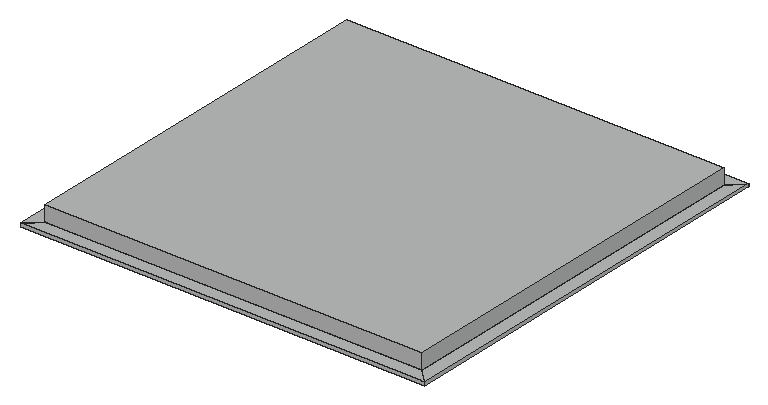
Revit family "AVRORA", category Осветительные приборы, Revit 2019 (continued)
Parameters (values of type "AVRORA-32/opal-sand 595x595х25 (IP20, 4000К)")
     847.200 809.800 771.400 732.500 693.200 653.100 612.300 571.800 530.600 489.300 448.400 406.900 366.200 325.700 285.900 247.100 209.600 170.700 135.700 \r\n101.100 69.300 37.900 15.700 0.800 \r\n1326.000 1325.200 1321.300 1314.800 1306.400 1296.400 1283.200 1269.300 1251.800 1233.400 1212.300 1190.100 1165.600 1140.000 1112.100 1083.400 1053.700 1021.200 988.900 \r\n954.900 919.700 883.600 847.300 809.800 771.900 732.600 692.900 653.100 612.500 571.900 530.600 489.700 448.400 406.700 366.100 325.600 285.600 247.000 209.400 170.700 136.200 \r\n100.900 70.500 38.400 16.400 0.700 \r\n1325.700 1324.000 1321.200 1314.700 1306.500 1296.600 1283.900 1269.200 1251.700 1233.300 1212.300 1190.700 1165.600 1139.800 1112.800 1083.400 1053.200 1021.600 988.400 \r\n955.000 919.800 884.000 847.400 809.900 771.800 732.700 693.300 653.100 612.700 572.000 530.600 489.500 448.300 406.900 366.000 325.600 285.600 246.900 209.200 170.600 136.300 \r\n100.700 71.000 39.300 17.100 0.700 \r\n1325.900 1324.800 1321.200 1314.800 1306.900 1296.400 1284.100 1269.300 1252.200 1233.200 1212.300 1190.100 1165.700 1139.900 1112.000 1083.400 1052.600 1021.500 988.600 \r\n955.100 919.900 883.600 847.500 809.900 771.500 732.900 693.300 653.200 613.000 572.000 530.600 489.200 448.200 406.600 365.800 325.400 285.700 246.700 209.100 170.400 136.200 \r\n101.000 71.600 39.700 17.700 0.700 \r\n1326.000 1324.900 1321.200 1314.800 1306.800 1296.300 1284.300 1269.100 1252.700 1233.600 1212.600 1189.600 1165.600 1140.200 1112.700 1083.800 1053.600 1021.600 988.900 \r\n955.000 919.900 884.400 847.400 810.000 771.800 733.000 693.400 653.200 612.700 572.000 530.600 489.200 447.900 406.600 365.800 325.200 285.100 246.600 208.800 170.300 136.100 \r\n100.600 72.100 40.700 18.300 0.700 \r\n1326.100 1325.100 1321.200 1315.100 1307.200 1296.400 1283.900 1269.000 1252.600 1234.000 1212.600 1190.100 1165.700 1140.300 1113.400 1083.900 1053.900 1021.400 988.800 \r\n954.900 920.100 884.700 847.500 810.100 771.900 733.100 693.400 653.200 613.100 571.800 530.600 488.800 448.000 406.400 365.600 325.100 285.000 246.400 208.700 170.100 135.900 \r\n100.500 72.700 41.100 18.800 0.700 \r\n1326.100 1324.400 1321.100 1315.100 1307.000 1296.300 1284.200 1269.100 1252.800 1233.800 1212.700 1190.900 1166.400 1140.400 1113.400 1084.100 1053.100 1021.800 989.500 \r\n955.300 920.200 884.200 847.700 810.100 771.800 733.200 693.700 653.400 612.700 571.900 530.600 489.200 447.900 406.300 365.600 325.100 285.100 246.300 208.700 170.000 135.800 \r\n100.100 73.100 42.000 19.500 0.700 \r\n1325.900 1324.300 1321.200 1314.900 1307.500 1296.500 1285.100 1269.300 1252.700 1234.100 1213.000 1191.100 1166.600 1140.800 1113.800 1084.200 1053.800 1022.100 989.500 \r\n955.500 920.400 883.900 847.700 810.400 771.900 733.300 693.700 653.400 613.000 572.000 530.500 489.200 447.900 406.500 365.500 324.900 284.900 246.100 208.500 169.800 135.600 \r\n99.700 73.100 42.400 20.000 0.600 \r\n1325.900 1324.600 1321.600 1315.200 1306.700 1296.400 1283.600 1269.100 1252.700 1233.500 1213.000 1191.700 1166.400 1140.700 1112.600 1084.400 1054.100 1022.400 989.700 \r\n955.700 920.500 884.600 847.800 810.600 772.000 733.200 693.500 653.400 612.800 572.100 530.600 489.200 447.900 406.400 365.500 324.800 285.000 246.100 208.400 169.700 135.500 \r\n99.300 73.100 42.900 20.400 0.600 \r\n1325.900 1324.300 1321.100 1315.400 1307.600 1296.500 1284.400 1269.300 1252.500 1234.200 1213.200 1191.100 1166.600 1140.500 1113.100 1084.500 1054.300 1022.500 989.800 \r\n956.000 920.700 884.800 848.100 810.600 772.100 733.500 693.800 653.400 612.900 572.200 530.700 489.400 448.000 406.400 365.500 324.800 284.900 245.900 208.300 169.600 135.300 99.000 \r\n73.000 42.900 20.700 0.600 \r\n1326.000 1324.300 1321.200 1315.300 1307.200 1296.600 1283.800 1269.300 1252.900 1234.100 1213.500 1191.100 1166.900 1140.600 1113.300 1084.500 1054.200 1022.600 990.200 \r\n956.000 920.800 885.200 848.100 810.700 772.500 733.500 693.500 653.500 613.300 572.300 530.700 489.400 447.900 406.200 365.500 324.800 284.800 245.800 208.100 169.400 135.200 98.700 \r\n72.900 42.900 20.600 0.600 \r\n1326.300 1325.000 1321.200 1315.600 1306.000 1296.800 1283.900 1269.600 1253.000 1234.900 1213.600 1191.500 1167.200 1140.700 1113.500 1084.500 1055.100 1022.700 990.000 \r\n956.000 920.900 885.100 848.300 810.900 772.700 733.700 694.200 653.700 613.200 572.400 530.800 489.100 448.000 406.400 365.500 324.800 284.800 245.800 208.100 169.300 135.100 98.500 \r\n72.800 42.700 20.600 0.600 \r\n1326.000 1325.200 1321.600 1315.400 1307.200 1296.900 1284.100 1269.800 1252.700 1234.200 1213.600 1191.000 1167.400 1141.000 1113.700 1084.900 1054.500 1023.000 990.000 \r\n956.200 921.000 884.700 848.400 810.900 772.900 733.800 694.100 653.800 613.500 572.500 530.900 489.600 448.000 406.300 365.500 324.800 284.800 245.800 208.000 169.300 135.000 98.500 \r\n72.700 42.700 20.500 0.600 \r\n1326.000 1325.100 1321.600 1315.600 1307.200 1297.200 1284.300 1269.600 1252.800 1234.500 1213.900 1191.200 1167.100 1141.200 1114.500 1084.900 1054.200 1023.100 990.300 \r\n956.700 921.200 885.600 848.600 811.000 772.900 734.000 694.300 653.900 613.400 572.600 531.100 489.900 448.100 406.400 365.600 324.900 284.800 245.800 208.200 169.200 135.000 98.600 \r\n72.700 42.600 20.500 0.500 \r\n1326.100 1324.700 1321.700 1315.500 1307.400 1297.200 1284.700 1269.900 1253.100 1235.400 1214.100 1191.800 1167.400 1141.400 1114.600 1085.300 1054.800 1023.400 990.600 \r\n956.600 921.700 885.700 848.800 811.500 773.000 734.200 694.300 654.000 613.600 572.500 531.200 489.900 448.200 406.700 365.600 324.900 284.900 245.900 208.100 169.200 135.000 98.600 \r\n72.700 42.500 20.400 0.600 \r\n1326.200 1325.300 1321.500 1315.700 1307.000 1297.300 1283.500 1270.100 1252.800 1234.700 1213.600 1192.600 1167.200 1141.600 1114.200 1085.300 1055.400 1023.600 991.000 \r\n956.500 921.700 885.500 848.800 811.500 773.200 734.300 694.000 654.200 613.400 572.800 531.200 489.900 448.300 406.800 365.700 325.000 284.900 246.000 208.200 169.300 135.100 98.800 \r\n72.600 42.500 20.400 0.600 \r\n1326.000 1324.700 1321.500 1315.700 1306.700 1297.000 1284.700 1270.100 1253.600 1234.900 1214.100 1191.900 1167.400 1141.500 1114.100 1085.800 1055.000 1023.500 990.600 \r\n956.700 921.700 885.800 848.900 811.600 773.400 734.600 695.100 654.400 613.700 572.900 531.400 489.700 448.400 407.000 365.700 325.000 285.000 246.000 208.300 169.400 135.100 98.900 \r\n72.600 42.300 20.100 0.600 \r\n1326.100 1325.100 1321.500 1315.800 1307.000 1297.100 1284.400 1270.100 1253.900 1234.600 1214.400 1191.700 1167.300 1141.800 1114.700 1085.800 1055.400 1023.700 991.200 \r\n957.100 921.900 886.100 849.100 811.900 773.500 734.500 694.700 654.500 613.900 572.600 531.400 489.800 448.600 407.000 365.800 325.100 285.100 246.100 208.300 169.500 135.200 \r\n99.200 72.500 41.900 19.700 0.600 \r\n1326.000 1323.900 1321.300 1315.900 1307.500 1297.200 1284.500 1270.300 1254.100 1234.700 1214.400 1191.900 1167.600 1142.000 1114.600 1086.100 1055.200 1023.900 991.200 \r\n957.300 922.200 886.100 849.300 811.800 773.900 734.500 694.900 654.800 613.900 573.000 531.600 490.100 448.600 407.000 366.000 325.300 285.500 246.200 208.300 169.600 135.400 \r\n99.600 72.300 41.300 19.100 0.700 \r\n1326.000 1324.400 1321.400 1315.900 1307.800 1297.600 1285.600 1270.500 1254.200 1235.300 1214.400 1191.300 1167.900 1142.200 1115.000 1085.800 1056.000 1024.000 991.200 \r\n957.500 922.200 886.400 849.500 811.900 773.700 734.800 694.900 655.000 614.100 573.100 531.900 490.500 448.900 407.100 366.100 325.400 285.400 246.300 208.600 169.700 135.400 \r\n99.900 72.000 40.600 18.500 0.700 \r\n1325.600 1325.200 1322.000 1315.900 1307.400 1297.900 1285.200 1270.600 1254.100 1235.700 1214.600 1191.900 1168.000 1142.200 1115.200 1086.400 1055.900 1024.300 991.800 \r\n957.600 922.400 886.400 849.600 812.000 773.800 734.900 695.100 655.100 614.100 573.300 532.000 490.800 449.000 407.100 366.300 325.500 285.400 246.400 208.800 169.700 135.500 \r\n100.200 71.300 39.800 17.900 0.700 \r\n1326.100 1324.800 1321.900 1316.200 1307.900 1298.000 1285.300 1270.600 1254.500 1236.500 1214.600 1192.500 1168.200 1142.300 1115.300 1086.200 1055.900 1024.700 991.600 \r\n958.100 922.700 886.500 849.900 812.400 774.000 735.100 695.600 655.100 614.400 573.500 532.100 490.900 449.100 407.400 366.500 325.700 285.600 246.600 208.800 169.900 135.600 \r\n100.400 70.800 39.000 17.100 0.700 \r\n1326.100 1325.000 1321.600 1316.100 1308.200 1297.700 1285.100 1270.800 1253.900 1235.800 1214.900 1192.800 1168.700 1142.400 1115.600 1086.400 1056.000 1024.700 991.800 \r\n958.000 922.800 886.500 850.000 812.500 774.200 735.300 695.500 655.300 614.800 573.400 532.300 490.700 449.400 407.600 366.700 325.900 286.100 246.800 208.900 170.000 135.600 \r\n100.100 69.800 38.300 16.300 0.700 \r\n1326.200 1324.900 1321.500 1316.200 1307.600 1297.700 1286.400 1270.900 1253.800 1235.500 1215.300 1193.100 1168.700 1142.800 1115.700 1086.800 1056.300 1024.800 992.400 \r\n958.400 923.000 887.300 850.400 812.800 774.300 735.500 696.000 655.400 614.700 573.800 532.400 490.800 449.500 407.900 366.800 326.000 285.800 246.900 209.100 170.000 135.600 \r\n100.100 69.300 37.600 15.600 0.800 \r\n1326.100 1324.700 1321.600 1316.400 1308.600 1298.000 1285.100 1271.000 1253.700 1236.600 1215.300 1192.500 1168.600 1143.200 1116.000 1087.200 1057.000 1025.200 992.100 \r\n958.700 923.400 886.800 850.500 813.100 774.700 735.600 696.000 655.600 615.100 574.100 532.600 491.100 449.600 408.100 367.000 326.300 286.100 247.000 208.900 170.100 135.100 \r\n100.500 68.500 36.500 14.800 0.800 \r\n1326.500 1324.200 1321.700 1316.200 1307.900 1298.100 1286.500 1271.300 1254.300 1236.200 1215.400 1193.100 1168.900 1143.200 1116.200 1087.200 1056.500 1025.400 992.600 \r\n959.400 923.400 886.900 850.600 813.300 774.900 735.800 696.000 655.900 615.200 574.000 532.800 491.400 449.800 408.100 367.100 326.400 286.300 247.200 209.100 170.000 134.500 \r\n99.700 67.100 36.200 14.000 0.800 \r\n1326.300 1325.000 1321.600 1316.100 1308.500 1298.100 1285.600 1271.300 1254.500 1236.000 1215.500 1193.500 1169.000 1143.200 1116.300 1086.800 1057.100 1025.300 993.000 \r\n958.800 923.700 887.700 850.900 813.500 775.100 735.900 696.400 655.900 615.200 574.000 533.000 491.500 450.000 408.500 367.300 326.600 286.400 247.300 209.100 169.500 134.400 \r\n99.700 66.600 35.100 13.100 0.800 \r\n1326.100 1325.800 1321.900 1316.300 1308.100 1298.000 1285.900 1271.500 1254.800 1236.700 1215.900 1194.300 1169.300 1143.700 1116.500 1087.300 1057.000 1025.700 993.100 \r\n959.300 923.900 887.600 851.000 813.900 775.100 736.100 696.600 656.200 615.400 574.600 533.100 491.900 450.400 408.800 367.500 326.900 286.600 247.400 208.800 168.900 134.100 \r\n99.900 65.200 35.200 12.400 0.900 \r\n1326.300 1325.500 1321.700 1316.100 1307.800 1298.100 1285.000 1271.400 1254.400 1236.700 1216.100 1192.900 1169.300 1143.800 1116.800 1087.400 1057.900 1025.900 993.200 \r\n959.200 924.100 887.700 851.300 814.000 775.200 736.300 696.600 656.500 615.500 574.800 533.400 492.100 450.500 408.900 367.700 326.900 286.800 247.400 208.700 168.600 133.400 \r\n99.600 64.500 36.300 11.600 0.900 \r\n1326.100 1325.000 1322.100 1316.200 1308.500 1298.100 1285.100 1271.600 1255.100 1237.400 1216.000 1193.100 1169.400 1144.000 1117.100 1088.100 1058.300 1026.200 993.400 \r\n959.600 924.300 888.200 851.500 813.900 775.300 736.600 696.900 656.600 616.000 575.000 533.700 492.100 450.800 409.000 367.900 327.100 287.000 247.400 208.300 168.400 132.300 97.900 \r\n62.900 37.700 10.800 0.900 \r\n1326.500 1325.200 1322.000 1316.200 1308.700 1298.500 1286.100 1271.500 1255.400 1236.800 1216.300 1194.200 1169.800 1143.900 1117.000 1088.300 1057.900 1026.300 993.600 \r\n960.200 924.600 888.500 851.600 814.100 775.900 736.800 697.100 656.800 616.100 575.300 533.900 492.400 451.100 409.300 368.100 327.300 287.000 247.300 207.400 168.100 132.200 97.600 \r\n62.800 37.600 10.000 0.900 \r\n1326.000 1325.000 1321.900 1316.500 1308.500 1298.700 1286.400 1271.900 1255.600 1236.800 1216.400 1194.500 1170.400 1144.300 1117.200 1088.800 1058.000 1026.600 993.600 \r\n960.000 924.800 888.600 852.000 814.400 776.200 737.000 697.900 656.900 616.400 575.500 534.200 492.800 451.200 409.600 368.200 327.400 287.000 246.900 206.700 167.200 132.100 97.700 \r\n62.100 37.600 9.400 0.900 \r\n1326.200 1324.400 1322.000 1316.600 1308.800 1298.900 1285.900 1271.700 1255.200 1236.500 1216.800 1194.400 1170.400 1144.700 1117.500 1088.800 1058.100 1026.900 994.300 \r\n959.900 925.000 888.600 852.200 814.300 776.300 737.300 697.500 657.000 617.000 575.700 534.500 492.600 451.400 409.800 368.400 327.400 286.800 246.200 206.400 166.200 131.900 97.500 \r\n62.000 37.200 9.000 1.000 \r\n1326.500 1325.000 1322.300 1316.800 1308.900 1298.700 1287.200 1272.000 1255.800 1236.500 1216.800 1194.200 1170.300 1144.700 1117.700 1089.000 1058.700 1027.300 994.300 \r\n960.400 925.200 889.200 852.500 814.900 776.600 737.500 697.700 657.600 617.100 576.100 534.800 493.200 451.600 410.100 368.700 327.600 286.700 245.400 206.800 165.900 131.200 97.100 \r\n61.800 36.200 9.100 1.000 \r\n1326.400 1325.700 1322.400 1316.700 1308.900 1298.500 1285.800 1272.300 1256.000 1237.200 1216.800 1195.400 1170.800 1144.900 1117.900 1089.300 1058.600 1027.300 994.600 \r\n959.800 925.500 889.100 852.700 814.900 776.900 737.700 698.500 657.900 617.500 576.400 535.000 493.200 451.900 410.300 368.800 327.600 286.100 245.100 206.600 165.400 129.400 95.500 \r\n62.400 35.500 8.800 1.000 \r\n1326.500 1325.000 1322.100 1316.700 1308.700 1298.900 1286.700 1272.100 1255.900 1238.000 1217.400 1195.100 1170.700 1145.000 1118.200 1089.400 1058.900 1027.400 994.800 \r\n960.000 925.700 890.100 853.000 815.300 777.200 737.900 698.500 658.000 617.400 576.300 535.100 493.900 452.100 410.400 369.000 327.500 285.500 244.900 206.000 164.600 129.300 95.000 \r\n63.400 34.600 8.300 1.000 \r\n1326.300 1325.000 1321.700 1316.500 1308.800 1298.900 1286.600 1272.600 1256.400 1236.700 1217.400 1195.300 1170.900 1145.100 1118.300 1089.100 1059.000 1027.900 995.100 \r\n961.000 926.000 890.100 853.200 815.700 777.300 738.500 698.900 658.400 617.800 577.000 535.300 493.600 452.400 410.800 369.100 327.400 284.900 244.900 204.700 165.300 129.100 95.200 \r\n62.600 33.700 8.300 1.100 \r\n1326.400 1324.900 1322.100 1316.500 1309.100 1299.000 1287.100 1272.400 1256.000 1237.000 1217.400 1195.000 1171.100 1145.400 1118.200 1089.600 1058.600 1027.900 995.100 \r\n960.800 926.200 890.200 853.400 815.800 777.500 738.700 699.200 658.800 618.000 577.100 535.600 494.000 452.500 411.000 369.200 327.200 284.900 244.700 203.800 165.000 128.200 95.100 \r\n62.400 32.600 8.000 1.100 \r\n1325.900 1324.900 1321.900 1316.700 1309.200 1298.900 1286.900 1272.400 1256.200 1238.100 1217.500 1195.400 1171.100 1145.700 1118.600 1089.900 1059.200 1028.200 995.600 \r\n961.200 926.500 890.000 853.600 816.200 777.800 738.900 699.400 658.800 618.300 577.300 535.800 493.900 452.800 411.100 369.300 326.900 284.800 244.200 203.400 163.700 127.800 94.800 \r\n62.400 31.700 7.500 1.100 \r\n1325.800 1325.400 1322.000 1316.800 1309.400 1298.800 1286.900 1272.700 1256.500 1238.400 1217.800 1195.500 1171.600 1146.100 1118.800 1090.000 1059.700 1028.200 995.900 \r\n961.500 926.700 890.200 853.900 816.400 778.000 739.200 699.300 659.100 618.200 577.700 536.100 494.500 453.000 411.100 369.300 326.300 284.600 243.800 203.300 163.200 128.400 93.800 \r\n62.200 30.800 6.900 1.100 \r\n1326.100 1325.400 1322.500 1316.700 1309.100 1298.900 1286.900 1272.600 1257.100 1238.300 1217.600 1195.800 1171.600 1146.200 1119.200 1090.000 1060.800 1028.500 995.600 \r\n962.100 926.800 890.500 854.200 816.600 778.200 739.500 699.500 659.300 619.000 577.800 536.300 494.900 453.200 411.300 369.100 325.900 284.700 243.100 203.400 162.200 127.100 92.900 \r\n61.800 30.300 6.500 1.100 \r\n1326.200 1325.300 1322.600 1316.900 1309.100 1299.200 1286.500 1272.700 1256.900 1238.100 1217.900 1195.700 1171.500 1146.300 1119.100 1090.100 1060.100 1028.700 996.500 \r\n962.600 927.100 890.800 854.500 817.200 778.500 739.700 699.700 659.600 618.900 577.800 536.400 494.900 453.500 411.300 368.800 325.700 284.500 242.100 203.700 161.800 126.000 92.200 \r\n61.000 30.
